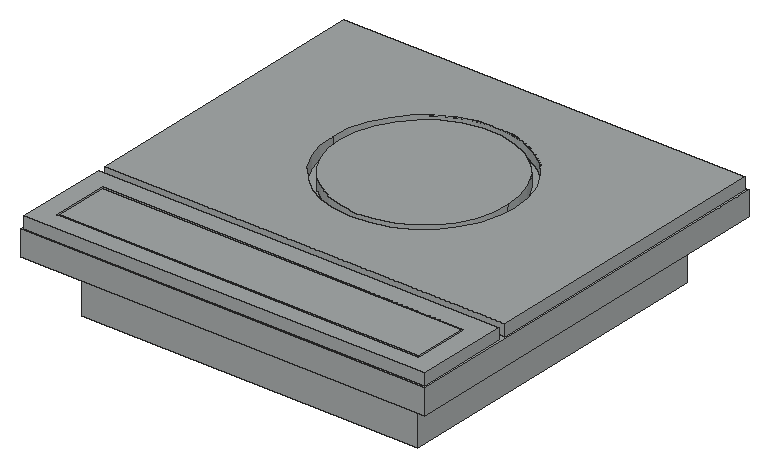
Revit family "Gira_5561000", category Electrical Fixtures, host Face, Revit 2017
Family settings
  Host = Face
  Maintain Annotation Orientation = Yes
  Round Connector Dimension = Use Diameter
  Part Type = Normal
  Cut with Voids When Loaded = No
  Shared = No
  Room Calculation Point = No
Parameters (values of type "Camera mod. System 106 black gl.")
  URL = "http://katalog.gira.de/en/datenblatt.html?artikelnr=5561000"
  Name = "Camera mod. System 106 black gl."
  Mounting method = "Surface mounting"
  Model = "Sys106_Abdeckung_Schalten und Tasten"
  Material = "Steel plate"
  Manufacturer URL = "https://www.gira.de/"
  Manufacturer = "Gira"
  Installation technique = "Bus system"
  HeinzeBIM = "https://bimportal.heinze.de/bim/camera-mod-system-106-black-gl-/8c9cbca24b4c6393f16c8968d82976cba36a8eef"
  HAN = "5561000"
  GTIN = "4010337022497"
  Edelstahl [instance] = Edelstahl
  Description = "Camera mod. S106 GBk,System 106 camera module,,black glass,The Gira System 106 is an installation system made of metal in a puristic and elegant frameless design, based on basic measurements of 106.5 × 106.5 mm. With the modular door intercom in Gira System 106, hospitality begins even before you reach the front door. All the functions are presented in a harmonious overall appearance, from the call button module, intercom module, and camera module, up to the info and blank module. In the dark, backlit call buttons with inscription space ensure good legibility and an attractive appearance.,,Individually adaptable modular system, The System 106 can be used in family homes or apartment buildings, as well as in office buildings, industrial properties, and hotels. The modular design enables the system's size, design, and functionality to be individually adapted to the respective requirements. Expansions and changes are possible at any time by easily exchanging the modules.,With this system, it is also possible to exchange the fronts only. This means that the appearance of the system can be changed from e.g. traffic white to a stainless steel surface at a later stage, without having to exchange the electronic units.,,High-quality materials,The modules are frameless with design fronts made of genuine materials, available in two brushed stainless steel versions (V2A and V4A), anodised aluminium C-0, and a metal alloy lacquered in traffic white (RAL 9016): all robust materials which ensure durability. The camera and DIN 18040 display module feature a black glass cover.,,Easy and phased installation,The system can be installed in phases, in parallel to the progress of building work. In this way, it is possible to initially install only the lower part of a surface-mounted housing during construction of the shell; cables and modules can then be added when they are needed.,,Individual inscription options,Call button modules and info modules can be labelled individually via the Gira inscription service.,,Features:,- A high-quality camera with high light sensitivity is concealed behind the exchangeable black glass plate. Thanks to a detection angle of 100, the user is always aware of what is happening at the front door."
  Default Elevation = 1219.2 mm
  Data sheet (1) = "https://katalog.gira.de/en/download.html?artikelnr=5561000"
  Colour = "Black"
  Category = "External camera door communication"
  BIM (1) = "https://media.stage.bim.site/public/gira/36a6b08/Sys106_Abdeckung_Schalten und Tasten.rfa?public/gira/36a6b08/Sys106_Abdeckung_Schalten und Tasten.rfa"
  Available = "No"
Reference planes
  plane 1 "Center (Front/Back)": y = 0
  plane 2 "Reference Level 0": z = 0
  plane 3 "Center (Left/Right)": x = 0
  plane 4 "Reference Level 1": z = 9.5
Forms (mm)
  Extrusion 1, solid, material "Edelstahl" <- "Edelstahl", detail levels coarse
    sketch origin (0, 0, 0) x (1, 0, 0) y (0, 1, 0)
      loop
        line (-53, 53) -> (-53, -53) -> (53, -53) -> (53, 53) -> (-53, 53)
    from -14.7 to 9.5
  Extrusion 2, solid, material "Edelstahl" <- "Edelstahl", detail levels fine
    sketch origin (0, 0, 0) x (1, 0, 0) y (0, 1, 0)
      loop
        line (52.5, -28) -> (-52.5, -28) -> (-52.5, -52.5) -> (52.5, -52.5) -> (52.5, -28)
      loop
        line (-47.5, -48) -> (47.5, -48) -> (47.5, -33) -> (-47.5, -33) -> (-47.5, -48)
    from 6.5 to 9.5
  Extrusion 3, solid, material "Edelstahl" <- "Edelstahl", detail levels fine
    sketch origin (0, 0, 0) x (1, 0, 0) y (0, 1, 0)
      loop
        line (-52.5, 52.5) -> (-52.5, -26) -> (52.5, -26) -> (52.5, 52.5) -> (-52.5, 52.5)
      loop
        circle (0, 13) r 24
    from 6.5 to 9.5
  Extrusion 4, solid, material "Edelstahl" <- "Edelstahl", detail levels medium+fine
    sketch origin (0, 0, 0) x (1, 0, 0) y (0, 1, 0)
      loop
        line (-53, 53) -> (-53, -53) -> (53, -53) -> (53, 53) -> (-53, 53)
    from 0 to 6.5
  Extrusion 5, solid, material "Edelstahl" <- "Edelstahl", detail levels fine
    sketch origin (0, 0, 0) x (1, 0, 0) y (0, 1, 0)
      loop
        line (-44, 44) -> (-44, -44) -> (44, -44) -> (44, 44) -> (-44, 44)
    from -14.7 to 0
  Extrusion 6, solid, material "Edelstahl" <- "Edelstahl", detail levels fine
    sketch origin (0, 0, 0) x (1, 0, 0) y (0, 1, 0)
      loop
        circle (0, 13) r 22
    from 6.5 to 9.5
  Extrusion 7, solid, material "Edelstahl" <- "Edelstahl", detail levels fine
    sketch origin (0, 0, 0) x (1, 0, 0) y (0, 1, 0)
      loop
        line (-47, -33.5) -> (-47, -47.5) -> (47, -47.5) -> (47, -33.5) -> (-47, -33.5)
    from 6.5 to 9.5
  Extrusion 8, solid, material "Edelstahl" <- "Edelstahl", detail levels medium
    sketch origin (0, 0, 0) x (1, 0, 0) y (0, 1, 0)
      loop
        line (-52.5, 52.5) -> (-52.5, -26) -> (52.5, -26) -> (52.5, 52.5) -> (-52.5, 52.5)
      loop
        line (-52.5, -28) -> (-52.5, -52.5) -> (52.5, -52.5) -> (52.5, -28) -> (-52.5, -28)
    from 6.5 to 9.5
  Extrusion 9, solid, material "Edelstahl" <- "Edelstahl", detail levels medium
    sketch origin (0, 0, 0) x (1, 0, 0) y (0, 1, 0)
      loop
        circle (0, 13) r 24
      loop
        line (-47.5, -33) -> (-47.5, -48) -> (47.5, -48) -> (47.5, -33) -> (-47.5, -33)
    from 6.5 to 9.5
Dimensions and locks
  aligned and locked: plane 2 "Reference Level 0" to host face
  aligned and locked: level to host face
  aligned and locked: Extrusion 4 to host face
  aligned and locked: Extrusion 4 to level
  aligned and locked: level to Extrusion 5
  aligned and locked: level to Extrusion 4
  aligned and locked: Extrusion 4 to plane 2 "Reference Level 0"
  aligned and locked: plane 2 "Reference Level 0" to Extrusion 5
  aligned and locked: plane 3 "Center (Left/Right)" to nested 1
  aligned and locked: plane 1 "Center (Front/Back)" to nested 1
Nested families
  nested 1: "Schalter" at (0, 0, 0), type "Schalter"
Connectors
  electrical at (0, 0, -14.7)
    settings: on Extrusion 5, index 1, voltage 220 V, apparent load 0 VA, apparent load phase1 0 VA, apparent load phase2 0 VA, apparent load phase3 0 VA, power factor 1, load classification "Other", number of poles 1, system type 30, power factor state 1, is connector primary yes, connector utility no, sub classification motor no, connector description ""
Definition of nested family "Schalter"
  Reference planes
    plane 1: y = 0
    plane 2: x = 0
  Lines and regions (mm)
    detail lines
      curve 1: circle (1.375, 2.778, 0) r 0.8 normal (0, 0, 1)
      curve 2: line (1.021, 2.061, 0) -> (0, 0, 0)
      curve 3: line (0, 0, 0) -> (-0.538, 0.266, 0)
  Dimensions and locks
    curve 2 to curve 2 = 2.3 mm
    curve 3 to curve 2 = 0.6 mm
    radius of curve 1 = 0.8 mm
